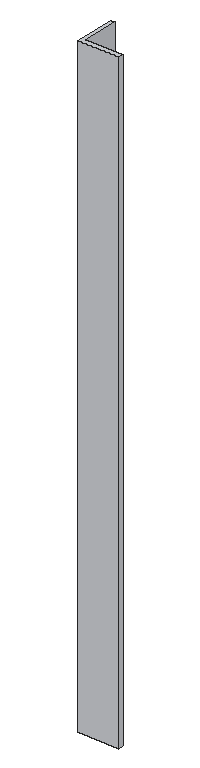
Revit family "Profiles_L_Baluster_Type01", category Balusters, Revit 2022
Family settings
  OmniClass Number = 23.30.80.11.11.14
  OmniClass Title = Posts, Newel Posts, Pickets
  Always vertical = Yes
  Cut with Voids When Loaded = No
  Shared = No
Parameters (values of type "Profiles_L_Baluster 50x50mm")
  built-in parameter 1008623 [instance] = 32.47°
  built-in parameter 1008625 [instance] = (empty or 0)
  R2 = 50 mm
  R1 = 5 mm
  Post = yes
  L2 = 50 mm
  L1 = 5 mm
  built-in parameter 1008624 [instance] = 32.47°
  built-in parameter 1008622 [instance] = 750 mm
Reference planes
  plane 1 "Center (Front/Back)": y = 0
  plane 2: z = 0
  plane 3 "Center (Left/Right)": x = 0
  plane 4 "Top": z = 750
  plane 5 "Top Cut Angle": through (0, 339.699, 533.838) normal (0, -0.5369, -0.8437)
  plane 6 "Bottom Cut Angle": through (0, 0, 0) normal (0, -0.5369, -0.8437)
  plane 7: y = 50
  plane 8: y = 5
  plane 9: x = 5
  plane 10: x = 50
Forms (mm)
  Extrusion 1, solid
    sketch origin (0, 0, 0) x (0, -1, 0) y (1, 0, 0)
      loop
        line (-50, 0) -> (0, 0) -> (0, 50) -> (-5, 50) -> (-5, 5) -> (-50, 5) -> (-50, 0)
    from 0 to 750
Lines and regions (mm)
  model lines
    curve 1: line (0, 0, 0) -> (0, 50, 0)
    curve 2: line (0, 50, 0) -> (5, 50, 0)
    curve 3: line (5, 50, 0) -> (5, 5, 0)
    curve 4: line (5, 5, 0) -> (50, 5, 0)
    curve 5: line (50, 5, 0) -> (50, 0, 0)
    curve 6: line (50, 0, 0) -> (0, 0, 0)
Text (mm)
  text "Baluster Elevation" at (0, 78.538, 1092.824), in view "Left"
Dimensions and locks
  "built-in parameter 1008622": plane 2 to plane 4 "Top"
  "R2": plane 1 "Center (Front/Back)" to plane 7
  "L1": plane 9 to plane 3 "Center (Left/Right)"
  "L1": plane 8 to plane 1 "Center (Front/Back)"
  "L2": plane 10 to plane 3 "Center (Left/Right)"
  "built-in parameter 1008623": angle plane 4 "Top" to plane 5 "Top Cut Angle"
  "built-in parameter 1008624": angle level to plane 6 "Bottom Cut Angle"
  aligned and locked: plane 2 to level
  aligned and locked: curve 2 to plane 7
  aligned and locked: curve 3 to plane 9
  aligned and locked: curve 4 to plane 8
  aligned and locked: curve 5 to plane 10
  aligned and locked: Extrusion 1 sketch curve to curve 2
  aligned and locked: Extrusion 1 sketch curve to curve 1
  aligned and locked: Extrusion 1 sketch curve to curve 3
  aligned and locked: Extrusion 1 sketch curve to curve 4
  aligned and locked: Extrusion 1 sketch curve to curve 6
  aligned and locked: Extrusion 1 sketch curve to curve 5
Automatic sketch dimensions
  plane 1 "Center (Front/Back)" to curve 1 = 0 mm
  curve 1 to plane 3 "Center (Left/Right)" = 0 mm
